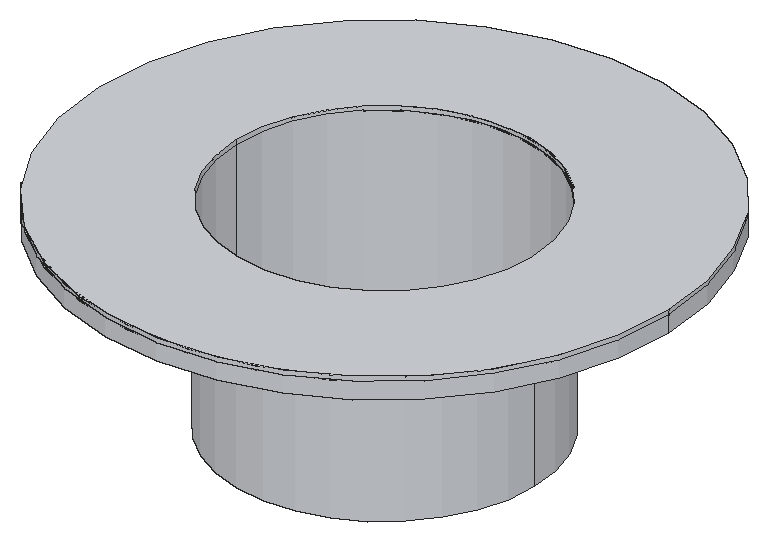
Revit family "cap_inlet", category Generic Models, Revit 2025
Family settings
  Can host rebar = No
  Round Connector Dimension = Use Diameter
  Part Type = Normal
  Work Plane-Based = No
  Always vertical = Yes
  Cut with Voids When Loaded = No
  Maintain Annotation Orientation = No
  Shared = No
  Room Calculation Point = No
Parameters
  Nominal Diameter = 0' - 4 1/2"
  Lip Size = Diameter * 0.0294  # 0' - 0.2499"
  Collar OD = Nominal Diameter  # 0' - 4 1/2"
  Gauge = 0' - 0 1/16"
  Diameter Inner = Diameter - Gauge  # 0' - 8.43755"
  Diameter = Nominal Diameter * 1.8889  # 0' - 8.50005"
  Default Elevation = 0' - 0"
  Collar Length = 0' - 3"
  Collar ID = Collar OD - Gauge  # 0' - 4 7/16"
Reference planes (in)
  plane 1 "Center (Front/Back)": y = 0
  plane 2: z = 0
  plane 3 "Center (Left/Right)": x = 0
  plane 4: y = 4.25002
  plane 5: y = -4.25003
  plane 6: x = -4.25002
  plane 7: x = 4.25003
  plane 8: x = -2.25
  plane 9: x = 2.25
  plane 10: y = -2.25
  plane 11: y = 2.25
  plane 12: z = 3
  plane 13: z = -0.2499
  plane 14: z = -0.2499
  plane 15: z = -3
Forms (in)
  Extrusion 1, solid
    sketch origin (0, 0, 0) x (1, 0, 0) y (0, 1, 0)
      loop
        circle (0, 0) r 4.25002
      loop
        circle (0, 0) r 2.21875
    from 0 to 0.0625 <- "Gauge"
  Extrusion 2, solid
    sketch origin (0, 0, 0) x (1, 0, 0) y (0, 1, 0)
      loop
        circle (0, 0) r 4.25003
      loop
        circle (0, 0) r 4.21877
    from 0 to -0.2499
  Extrusion 3, solid
    sketch origin (0, 0, 0) x (1, 0, 0) y (0, 1, 0)
      loop
        circle (0, 0) r 2.21875
      loop
        circle (0, 0) r 2.25
    from 0 to -3
Dimensions and locks (in)
  equal spacing: plane 5, plane 1 "Center (Front/Back)", plane 4
  equal spacing: plane 6, plane 3 "Center (Left/Right)", plane 7
  "Diameter": plane 4 to plane 5
  "Diameter": plane 6 to plane 7
  equal spacing: plane 8, plane 3 "Center (Left/Right)", plane 9
  equal spacing: plane 10, plane 1 "Center (Front/Back)", plane 11
  "Collar OD": plane 10 to plane 11
  "Collar OD": plane 8 to plane 9
  "Collar Length": plane 12 to plane 2
  "Lip Size": plane 2 to plane 13
  "Lip Size": plane 2 to plane 14
  "Collar Length": plane 2 to plane 15
  "Diameter": diameter of Extrusion 1 sketch curve
  "Collar ID": diameter of Extrusion 1 sketch curve
  "Diameter": diameter of Extrusion 2 sketch curve
  "Diameter Inner": diameter of Extrusion 2 sketch curve
  "Collar ID": diameter of Extrusion 3 sketch curve
  "Collar OD": diameter of Extrusion 3 sketch curve
  aligned and locked: plane 2 to level
  aligned and locked: plane 3 "Center (Left/Right)" to Extrusion 1 sketch curve  (x2)
  aligned and locked: plane 1 "Center (Front/Back)" to Extrusion 1 sketch curve  (x2)
  aligned and locked: plane 1 "Center (Front/Back)" to Extrusion 2 sketch curve  (x2)
  aligned and locked: plane 3 "Center (Left/Right)" to Extrusion 2 sketch curve  (x2)
  aligned and locked: Extrusion 2 to plane 14
  aligned and locked: plane 3 "Center (Left/Right)" to Extrusion 3 sketch curve  (x2)
  aligned and locked: plane 1 "Center (Front/Back)" to Extrusion 3 sketch curve  (x2)
  aligned and locked: Extrusion 3 to plane 15
